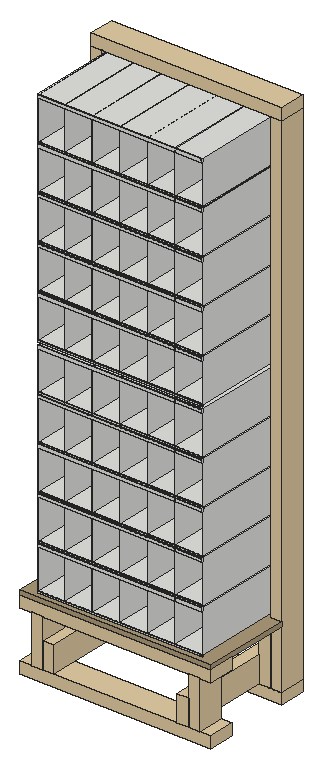
Revit family "Mailboxes_Aluminum-Standard_System-Salsbury_Industries-Wall_Installation", category Specialty Equipment, host Wall, Revit 2016 (continued)
Definition of nested family "2200_Series_Aluminum_Mailboxes_Standard_Units"
  Forms (in)
    Extrusion 37, solid, material <- "Trim Material", visible <- "Visible"
      sketch origin (0, 0, 5.937) x (0, 1, 0) y (0, 0, 1)
        loop
          line (-6.3125, 18.062) -> (-7.75, 18.062) -> (-7.75, 17.999) -> (-7.53125, 17.999) -> (-7.53125, 17.812) -> (-6.3125, 17.812) -> (-6.3125, 18.062)
      from -11.0935 to 11.09375
    Extrusion 38, solid, material <- "Trim Material", visible <- "Visible"
      sketch origin (0, 0, -5.93725) x (0, 1, 0) y (0, 0, 1)
        loop
          line (-6.3125, 18.06225) -> (-7.75, 18.06225) -> (-7.75, 17.999) -> (-7.53125, 17.999) -> (-7.53125, 17.81225) -> (-6.3125, 17.81225) -> (-6.3125, 18.06225)
      from -11.0935 to 11.09375
    Extrusion 39, solid, material <- "Trim Material", visible <- "Horizontal Divider 4"
      sketch origin (0, 0, -11.87462) x (0, 1, 0) y (0, 0, 1)
        loop
          line (-6.3125, 18.06225) -> (-7.75, 18.06225) -> (-7.75, 17.99963) -> (-7.53125, 17.99963) -> (-7.53125, 17.81225) -> (-6.3125, 17.81225) -> (-6.3125, 18.06225)
      from -11.0935 to 11.09375
    Extrusion 40, solid, material <- "Back Enclosure Material", visible <- "Horizontal Divider 2", detail levels fine
      sketch origin (0, 0, -2.8915) x (0, 1, 0) y (0, 0, 1)
        loop
          line (7.625, 20.7035) -> (7.625, 20.9535) -> (7.594, 20.9535) -> (7.594, 20.6725) -> (7.719, 20.6725) -> (7.719, 20.3285) -> (7.68316, 20.3285) -> (7.68316, 20.64866) -> (7.65216, 20.64866) -> (7.65216, 20.2975) -> (7.75, 20.2975) -> (7.75, 20.7035) -> (7.625, 20.7035)
      from -11.0935 to 10.93775
    Extrusion 41, solid, material <- "Back Enclosure Material", visible <- "Horizontal Dividers 1 and 3", detail levels fine
      sketch origin (0, 0, -8.8285) x (0, 1, 0) y (0, 0, 1)
        loop
          line (7.625, 20.7035) -> (7.625, 20.9535) -> (7.594, 20.9535) -> (7.594, 20.6725) -> (7.719, 20.6725) -> (7.719, 20.3285) -> (7.68316, 20.3285) -> (7.68316, 20.64866) -> (7.65216, 20.64866) -> (7.65216, 20.2975) -> (7.75, 20.2975) -> (7.75, 20.7035) -> (7.625, 20.7035)
      from -11.0935 to 10.93775
    Extrusion 42, solid, material <- "Back Enclosure Material", visible <- "Horizontal Divider 4", detail levels fine
      sketch origin (0, 0, -14.76625) x (0, 1, 0) y (0, 0, 1)
        loop
          line (7.625, 20.70388) -> (7.625, 20.95388) -> (7.594, 20.95388) -> (7.594, 20.6725) -> (7.719, 20.6725) -> (7.719, 20.3285) -> (7.68316, 20.3285) -> (7.68316, 20.64866) -> (7.65216, 20.64866) -> (7.65216, 20.2975) -> (7.75, 20.2975) -> (7.75, 20.70388) -> (7.625, 20.70388)
      from -11.0935 to 10.93775
  Cuts and joins
    Extrusion 29, Extrusion 32, Extrusion 33 cuts Extrusion 3
    Extrusion 8, Extrusion 29, Extrusion 32, Extrusion 33 cuts Sweep 5
    Extrusion 8, Extrusion 29, Extrusion 32, Extrusion 33 cuts Extrusion 10
    Extrusion 8, Extrusion 29, Extrusion 32, Extrusion 33 cuts Extrusion 12
    Extrusion 8, Extrusion 29, Extrusion 32, Extrusion 33 cuts Extrusion 11
    Extrusion 8, Extrusion 29, Extrusion 32, Extrusion 33 cuts Extrusion 14
    Extrusion 8, Extrusion 29, Extrusion 32, Extrusion 33 cuts Extrusion 15
    Extrusion 8, Extrusion 29, Extrusion 32, Extrusion 33 cuts Extrusion 16
    Extrusion 8, Extrusion 29, Extrusion 32, Extrusion 33 cuts Extrusion 13
    Extrusion 8, Extrusion 29, Extrusion 32, Extrusion 33 cuts Extrusion 17
    Extrusion 8, Extrusion 29, Extrusion 32, Extrusion 33 cuts Extrusion 20
    Extrusion 8, Extrusion 29, Extrusion 32, Extrusion 33 cuts Extrusion 25
    Extrusion 8, Extrusion 29, Extrusion 32, Extrusion 33 cuts Extrusion 21
    Extrusion 8, Extrusion 29, Extrusion 32, Extrusion 33 cuts Extrusion 22
    Extrusion 8, Extrusion 29, Extrusion 32, Extrusion 33 cuts Extrusion 23
    Extrusion 8, Extrusion 29, Extrusion 32, Extrusion 33 cuts Extrusion 26
    Extrusion 8, Extrusion 29, Extrusion 32, Extrusion 33 cuts Extrusion 24
    Extrusion 29, Extrusion 32, Extrusion 33 cuts Extrusion 4
    Extrusion 29 cuts Extrusion 18
    Extrusion 29 cuts Extrusion 19
    Extrusion 32 cuts Extrusion 27
    Extrusion 32 cuts Extrusion 28
    Extrusion 33 cuts Extrusion 30
    Extrusion 33 cuts Extrusion 31
  Lines and regions (in)
    symbolic lines
      curve 1: line (-11.0935, 7.75, 29.6875) -> (11.09375, 7.75, 29.6875)
      curve 2: line (-11.0935, 7.75, 0.25) -> (-11.0935, 7.75, 29.6875)
      curve 3: line (11.09375, 7.75, 0.25) -> (-11.0935, 7.75, 0.25)
      curve 4: line (11.09375, 7.75, 29.6875) -> (11.09375, 7.75, 0.25)
      curve 5: line (11.09375, 7.75, 29.6875) -> (11.09375, 7.75, 30)
      curve 6: line (11.09375, 7.75, 30) -> (-11.0935, 7.75, 30)
      curve 7: line (-11.0935, 7.75, 30) -> (-11.0935, 7.75, 29.6875)
      curve 8: line (-11.25, 7.75, 0) -> (-11.25, 7.75, 0.25)
      curve 9: line (-11.25, 7.75, 0) -> (11.25, 7.75, 0)
      curve 10: line (11.25, 7.75, 0) -> (11.25, 7.75, 0.25)
      curve 11: line (11.09375, 7.75, 0.25) -> (11.99975, 7.75, 0.25)
      curve 12: line (11.99975, 7.75, 0.25) -> (11.99975, 7.75, 29.84375)
      curve 13: line (-11.9995, 7.75, 0.25) -> (-11.9995, 7.75, 29.84375)
      curve 14: line (11.99975, 7.75, 29.84375) -> (11.09375, 7.75, 29.84375)
      curve 15: line (-11.9995, 7.75, 29.84375) -> (-11.0935, 7.75, 29.84375)
      curve 16: line (-11.9995, 7.75, 0.25) -> (-11.0935, 7.75, 0.25)
      curve 17: line (0, -6.3125, 29.6875) -> (0, 7.75, 29.6875)
      curve 18: line (0, -6.3125, 0.25) -> (0, -6.3125, 29.6875)
      curve 19: line (0, 7.75, 0.25) -> (0, -6.3125, 0.25)
      curve 20: line (0, 7.75, 29.6875) -> (0, 7.75, 0.25)
      curve 21: line (0, -7.75, 30) -> (0, -6.3125, 30)
      curve 22: line (0, -7.75, 0) -> (0, -7.75, 30)
      curve 23: line (0, -6.3125, 0) -> (0, -7.75, 0)
      curve 24: line (0, -6.3125, 30) -> (0, -6.3125, 0)
      curve 25: line (-11.0935, 7.75, 0.28125) -> (11.25, 7.75, 0.28125)
      curve 26: line (-11.0935, -6.3125, 0.28125) -> (-11.0935, 7.75, 0.28125)
      curve 27: line (11.25, -6.3125, 0.28125) -> (-11.25, -6.3125, 0.28125)
      curve 28: line (11.25, 7.75, 0.28125) -> (11.25, -6.3125, 0.28125)
      curve 29: line (-11.9995, -7.75, 0.28125) -> (11.99975, -7.75, 0.28125)
      curve 30: line (-11.9995, -7.625, 0.28125) -> (-11.9995, -7.75, 0.28125)
      curve 31: line (-11.25, -6.3125, 0.28125) -> (-11.25, -7.625, 0.28125)
      curve 32: line (-11.25, -7.625, 0.28125) -> (-11.9995, -7.625, 0.28125)
      curve 33: line (-11.9995, -7.625, 0.28125) -> (-11.9995, -7.75, 0.28125)
      curve 34: line (11.25, -7.625, 0.28125) -> (11.25, -6.3125, 0.28125)
      curve 35: line (11.25, -7.625, 0.28125) -> (11.99975, -7.625, 0.28125)
      curve 36: line (11.99975, -7.75, 0.28125) -> (11.99975, -7.625, 0.28125)
      curve 37: line (-11.0935, 7.75, 30) -> (11.09375, 7.75, 30)
      curve 38: line (-11.0935, 7.75, 29.6875) -> (-11.0935, 7.75, 30)
      curve 39: line (11.09375, 7.75, 29.6875) -> (-11.0935, 7.75, 29.6875)
      curve 40: line (11.09375, 7.75, 30) -> (11.09375, 7.75, 29.6875)
      curve 41: line (-11.25, 7.75, 0) -> (11.25, 7.75, 0)
      curve 42: line (-11.25, 7.75, 0.25) -> (-11.25, 7.75, 0)
      curve 43: line (11.25, 7.75, 0.25) -> (-11.25, 7.75, 0.25)
      curve 44: line (11.25, 7.75, 0) -> (11.25, 7.75, 0.25)
      curve 45: line (-11.9995, 7.75, 29.84375) -> (-11.0935, 7.75, 29.84375)
      curve 46: line (-11.9995, 7.75, 0.25) -> (-11.9995, 7.75, 29.84375)
      curve 47: line (-11.0935, 7.75, 0.25) -> (-11.9995, 7.75, 0.25)
      curve 48: line (-11.0935, 7.75, 29.84375) -> (-11.0935, 7.75, 0.25)
      curve 49: line (11.09375, 7.75, 29.84375) -> (11.99975, 7.75, 29.84375)
      curve 50: line (11.09375, 7.75, 0.25) -> (11.09375, 7.75, 29.84375)
      curve 51: line (11.99975, 7.75, 0.25) -> (11.09375, 7.75, 0.25)
      curve 52: line (11.99975, 7.75, 29.84375) -> (11.99975, 7.75, 0.25)
  Dimensions and locks (in)
    plane 6 "Front" to plane 1 "Center (Front/Back)" to plane 7 "Back" = 7.750", 7.750"
    "Depth": plane 6 "Front" to plane 7 "Back"
    equal spacing: plane 4 "Left", plane 3 "Center (Left/Right)", plane 5 "Right"
    "Width": plane 4 "Left" to plane 5 "Right"
    equal spacing: plane 9 "Top", plane 8 "Vertical Center", plane 2 "Bottom"
    "Height": plane 9 "Top" to plane 2 "Bottom"
    plane 6 "Front" to plane 10 to plane 11 "Door Align-Back of Door" to plane 12 "Back Edge of Top Trim" = 0.125", 0.53125", 0.875"
    plane 14 "Back Edge of Side Panels" to plane 7 "Back" = 0.125"
    plane 6 "Front" to plane 13 "Front Edge of Side Panels" = 0.9375"
    plane 6 "Front" to plane 15 to plane 16 to plane 17 "Back Edge of Bottom Trim" = 0.187", 0.500", 0.9375"
    plane 18 to plane 2 "Bottom" = 0.125"
    plane 19 to plane 2 "Bottom" = 0.0625"
    plane 20 "Bottom Trim Height" to plane 2 "Bottom" = 0.250"
    plane 9 "Top" to plane 21 "Top Trim Height" = 0.3125"
    plane 22 to plane 9 "Top" = 0.15625"
    plane 23 to plane 9 "Top" = 0.125"
    plane 25 "Inner Right Side of Trim" to plane 24 "Right Side Trim Alignment-Top and Bottom Trim" to plane 5 "Right" = 0.15625", 0.375"
    plane 6 "Front" to plane 27 to plane 28 = 0.250", 0.125"
    plane 6 "Front" to plane 29 "Back Edge of Side Trim" = 1.4375"
    plane 4 "Left" to plane 30 "Left Side Trim Alignment-Top and Bottom Trim" = 0.375"
    plane 6 "Front" to plane 31 "Trop Trim Extrusion Line" = 0.21875"
    plane 33 to plane 21 "Top Trim Height" = 0.03125"
    plane 32 "Left Wall of Enclosure" to plane 43 "Door Divider 1" = 3.698"
    plane 32 "Left Wall of Enclosure" to plane 42 "Door Divider 6" = 5.54675"
    plane 32 "Left Wall of Enclosure" to plane 37 "Door Divider 2" = 7.396"
    plane 32 "Left Wall of Enclosure" to plane 38 "Door Divider 3" = 11.094"
    plane 32 "Left Wall of Enclosure" to plane 39 "Door Divider 4" = 14.792"
    plane 32 "Left Wall of Enclosure" to plane 40 "Door Divider 7" = 16.64175"
    plane 32 "Left Wall of Enclosure" to plane 41 "Door Divider 5" = 18.490"
    locked: plane 32 "Left Wall of Enclosure" to plane 26 "Right Wall of Enclsosure" at 22.03125
    plane 26 "Right Wall of Enclsosure" to plane 25 "Inner Right Side of Trim" = 0.156"
    plane 45 "Door Divider" to plane 44 "Door Divider Offset Align" = 0.000"
    "Void 4 Offset": plane 2 "Bottom" to plane 46 "Void 4 Offset"
    plane 49 "Vertical Door Align 5" to plane 41 "Door Divider 5" = 0.15925"
    plane 50 "Vertical Door Align 8" to plane 40 "Door Divider 7" = 0.15925"
    plane 51 "Vertical Door Align 4" to plane 39 "Door Divider 4" = 0.15925"
    plane 52 "Vertical Door Align 3" to plane 38 "Door Divider 3" = 0.15925"
    plane 53 "Vertical Door Align 2" to plane 37 "Door Divider 2" = 0.15925"
    plane 54 "Vertical Door Align 7" to plane 42 "Door Divider 6" = 0.159"
    plane 55 "Vertical Door Align 1" to plane 43 "Door Divider 1" = 0.159"
    "Void 2 Offset": plane 64 "Void 2 Offset" to plane 2 "Bottom"
    plane 63 "Gap 2 Top" to plane 68 to plane 62 "Gap 2 Bottom" = 0.094" locked, 0.218" locked
    plane 66 "Gap 1 Top" to plane 69 to plane 65 "Gap 1 Bottom" = 0.094", 0.218"
    plane 60 "Gap 3 Top" to plane 70 to plane 59 "Gap 3 Bottom" = 0.09425" locked, 0.21775" locked
    plane 48 "Gap 4 Top" to plane 71 to plane 58 "Gap 4 Bottom" = 0.094" locked, 0.21875" locked
    locked: plane 21 "Top Trim Height" to plane 73 "Top of Divider Offset" at 0.03125
    "Divider 6 and 7 Offset": plane 72 "Divider Offset" to plane 33
    plane 75 to plane 4 "Left" = 0.3745"
    plane 5 "Right" to plane 74 = 0.37475"
    locked: plane 76 to plane 14 "Back Edge of Side Panels" at 0.031
    plane 90 to plane 89 to plane 88 to plane 7 "Back" = 0.031", 0.03584", 0.031"
    plane 85 to plane 87 to plane 86 to plane 58 "Gap 4 Bottom" to plane 78 = 0.031", 0.32016", 0.02384", 0.03138"
    plane 76 to plane 14 "Back Edge of Side Panels" to plane 90 = 0.031", 0.02716"
    plane 96 to plane 95 to plane 94 to plane 7 "Back" = 0.031", 0.03584", 0.031"
    plane 91 to plane 92 to plane 93 to plane 59 "Gap 3 Bottom" = 0.031", 0.32016", 0.02384"
    plane 76 to plane 14 "Back Edge of Side Panels" = 0.031"
    plane 102 to plane 101 to plane 100 to plane 7 "Back" = 0.031", 0.03584", 0.031"
    plane 97 to plane 98 to plane 99 to plane 62 "Gap 2 Bottom" = 0.031", 0.32016", 0.02384"
    plane 108 to plane 107 to plane 106 to plane 7 "Back" = 0.031", 0.03584", 0.031"
    plane 103 to plane 104 to plane 105 to plane 65 "Gap 1 Bottom" = 0.031", 0.32016", 0.02384"
    aligned and locked: plane 2 "Bottom" to level
    aligned and locked: plane 32 "Left Wall of Enclosure" to Extrusion 9
    aligned and locked: Extrusion 9 to plane 26 "Right Wall of Enclsosure"
    aligned and locked: Extrusion 6 to plane 26 "Right Wall of Enclsosure"
    aligned and locked: plane 32 "Left Wall of Enclosure" to Extrusion 6
    aligned and locked: Extrusion 4 to plane 57 "OffSet Divider Line"
    aligned and locked: Extrusion 36 to plane 68
    aligned and locked: Extrusion 39 to plane 71
    aligned and locked: Extrusion 38 to plane 70
    aligned and locked: Extrusion 37 to plane 69
    aligned and locked: plane 72 "Divider Offset" to cut or joined group of Extrusion 8, Extrusion 26, Extrusion 29, Extrusion 32, Extrusion 33
    aligned and locked: plane 72 "Divider Offset" to cut or joined group of Extrusion 8, Extrusion 13, Extrusion 29, Extrusion 32, Extrusion 33
    aligned and locked: plane 72 "Divider Offset" to cut or joined group of Extrusion 8, Extrusion 25, Extrusion 29, Extrusion 32, Extrusion 33
    aligned and locked: plane 72 "Divider Offset" to cut or joined group of Extrusion 8, Extrusion 11, Extrusion 29, Extrusion 32, Extrusion 33
    aligned and locked: plane 56 "Vertical Door Align 6" to nested 6
    aligned and locked: nested 6 to plane 47 "Door Align - Row 5"
    aligned and locked: nested 5 to plane 47 "Door Align - Row 5"
    aligned and locked: plane 49 "Vertical Door Align 5" to nested 5
    aligned and locked: nested 4 to plane 47 "Door Align - Row 5"
    aligned and locked: plane 51 "Vertical Door Align 4" to nested 4
    aligned and locked: nested 3 to plane 47 "Door Align - Row 5"
    aligned and locked: plane 52 "Vertical Door Align 3" to nested 3
    aligned and locked: nested 1 to plane 47 "Door Align - Row 5"
    aligned and locked: plane 53 "Vertical Door Align 2" to nested 1
    aligned and locked: nested 2 to plane 47 "Door Align - Row 5"
    aligned and locked: plane 55 "Vertical Door Align 1" to nested 2
    aligned and locked: plane 55 "Vertical Door Align 1" to nested 8
    aligned and locked: nested 9 to plane 48 "Gap 4 Top"
    aligned and locked: nested 8 to plane 48 "Gap 4 Top"
    aligned and locked: nested 7 to plane 48 "Gap 4 Top"
    aligned and locked: plane 53 "Vertical Door Align 2" to nested 7
    aligned and locked: plane 52 "Vertical Door Align 3" to nested 9
    aligned and locked: plane 51 "Vertical Door Align 4" to nested 10
    aligned and locked: nested 12 to plane 48 "Gap 4 Top"
    aligned and locked: nested 11 to plane 48 "Gap 4 Top"
    aligned and locked: plane 49 "Vertical Door Align 5" to nested 11
    aligned and locked: plane 56 "Vertical Door Align 6" to nested 12
    aligned and locked: plane 56 "Vertical Door Align 6" to nested 18
    aligned and locked: nested 18 to plane 60 "Gap 3 Top"
    aligned and locked: plane 49 "Vertical Door Align 5" to nested 17
    aligned and locked: nested 17 to plane 60 "Gap 3 Top"
    aligned and locked: plane 51 "Vertical Door Align 4" to nested 16
    aligned and locked: nested 16 to plane 60 "Gap 3 Top"
    aligned and locked: plane 52 "Vertical Door Align 3" to nested 15
    aligned and locked: nested 15 to plane 60 "Gap 3 Top"
    aligned and locked: plane 53 "Vertical Door Align 2" to nested 13
    aligned and locked: nested 13 to plane 60 "Gap 3 Top"
    aligned and locked: plane 55 "Vertical Door Align 1" to nested 14
    aligned and locked: nested 14 to plane 60 "Gap 3 Top"
    aligned and locked: plane 55 "Vertical Door Align 1" to nested 20
    aligned and locked: nested 20 to plane 63 "Gap 2 Top"
    aligned and locked: plane 53 "Vertical Door Align 2" to nested 19
    aligned and locked: plane 63 "Gap 2 Top" to nested 19
    aligned and locked: plane 52 "Vertical Door Align 3" to nested 21
    aligned and locked: nested 22 to plane 63 "Gap 2 Top"
    aligned and locked: nested 21 to plane 63 "Gap 2 Top"
    aligned and locked: plane 51 "Vertical Door Align 4" to nested 22
    aligned and locked: plane 49 "Vertical Door Align 5" to nested 23
    aligned and locked: nested 24 to plane 63 "Gap 2 Top"
    aligned and locked: nested 23 to plane 63 "Gap 2 Top"
    aligned and locked: plane 56 "Vertical Door Align 6" to nested 24
    aligned and locked: plane 56 "Vertical Door Align 6" to nested 30
    aligned and locked: nested 30 to plane 66 "Gap 1 Top"
    aligned and locked: plane 49 "Vertical Door Align 5" to nested 29
    aligned and locked: nested 29 to plane 66 "Gap 1 Top"
    aligned and locked: plane 51 "Vertical Door Align 4" to nested 28
    aligned and locked: nested 28 to plane 66 "Gap 1 Top"
    aligned and locked: plane 52 "Vertical Door Align 3" to nested 27
    aligned and locked: nested 27 to plane 66 "Gap 1 Top"
    aligned and locked: plane 53 "Vertical Door Align 2" to nested 25
    aligned and locked: nested 25 to plane 66 "Gap 1 Top"
    aligned and locked: plane 55 "Vertical Door Align 1" to nested 26
    aligned and locked: nested 26 to plane 66 "Gap 1 Top"
    aligned and locked: plane 54 "Vertical Door Align 7" to nested 39
    aligned and locked: nested 39 to plane 66 "Gap 1 Top"
    aligned and locked: plane 50 "Vertical Door Align 8" to nested 40
    aligned and locked: nested 40 to plane 66 "Gap 1 Top"
    aligned and locked: plane 50 "Vertical Door Align 8" to nested 38
    aligned and locked: nested 38 to plane 63 "Gap 2 Top"
    aligned and locked: plane 54 "Vertical Door Align 7" to nested 37
    aligned and locked: nested 37 to plane 63 "Gap 2 Top"
    aligned and locked: plane 54 "Vertical Door Align 7" to nested 35
    aligned and locked: nested 35 to plane 60 "Gap 3 Top"
    aligned and locked: plane 50 "Vertical Door Align 8" to nested 36
    aligned and locked: nested 36 to plane 60 "Gap 3 Top"
    aligned and locked: plane 50 "Vertical Door Align 8" to nested 34
    aligned and locked: nested 34 to plane 48 "Gap 4 Top"
    aligned and locked: plane 54 "Vertical Door Align 7" to nested 33
    aligned and locked: nested 33 to plane 48 "Gap 4 Top"
    aligned and locked: plane 54 "Vertical Door Align 7" to nested 31
    aligned and locked: nested 31 to plane 47 "Door Align - Row 5"
    aligned and locked: plane 50 "Vertical Door Align 8" to nested 32
    aligned and locked: nested 32 to plane 47 "Door Align - Row 5"
    aligned and locked: Extrusion 1 sketch curve to plane 6 "Front"
    aligned and locked: Extrusion 1 sketch curve to plane 9 "Top"
    aligned and locked: plane 29 "Back Edge of Side Trim" to Extrusion 1 sketch curve
    aligned and locked: Extrusion 1 sketch curve to plane 21 "Top Trim Height"
    aligned and locked: plane 22 to Extrusion 1 sketch curve
    aligned and locked: plane 23 to Extrusion 1 sketch curve
    aligned and locked: Extrusion 1 sketch curve to plane 10
    aligned and locked: Extrusion 1 sketch curve to plane 11 "Door Align-Back of Door"
    aligned and locked: Extrusion 1 to plane 45 "Door Divider"
    aligned and locked: plane 57 "OffSet Divider Line" to Extrusion 1
    aligned and locked: Extrusion 2 sketch curve to plane 2 "Bottom"
    aligned and locked: Extrusion 2 sketch curve to plane 16
    aligned and locked: Extrusion 2 sketch curve to plane 19
    aligned and locked: Extrusion 2 sketch curve to plane 15
    aligned and locked: plane 18 to Extrusion 2 sketch curve
    aligned and locked: Extrusion 2 sketch curve to plane 6 "Front"
    aligned and locked: plane 30 "Left Side Trim Alignment-Top and Bottom Trim" to Extrusion 2
    aligned and locked: Extrusion 2 to plane 24 "Right Side Trim Alignment-Top and Bottom Trim"
    aligned and locked: plane 29 "Back Edge of Side Trim" to Extrusion 3 sketch curve
    aligned and locked: Extrusion 3 sketch curve to plane 45 "Door Divider"
    aligned and locked: plane 24 "Right Side Trim Alignment-Top and Bottom Trim" to Extrusion 3 sketch curve
    aligned and locked: plane 6 "Front" to Extrusion 3 sketch curve
    aligned and locked: Extrusion 3 sketch curve to plane 74
    aligned and locked: Extrusion 3 sketch curve to plane 10
    aligned and locked: cut or joined group of Extrusion 3, Extrusion 29, Extrusion 32, Extrusion 33 to plane 22
    aligned and locked: Extrusion 4 sketch curve to plane 6 "Front"
    aligned and locked: Extrusion 4 sketch curve to plane 57 "OffSet Divider Line"
    aligned and locked: Extrusion 4 sketch curve to plane 75
    aligned and locked: plane 10 to Extrusion 4 sketch curve
    aligned and locked: plane 30 "Left Side Trim Alignment-Top and Bottom Trim" to Extrusion 4 sketch curve
    aligned and locked: Extrusion 4 sketch curve to plane 29 "Back Edge of Side Trim"
    aligned and locked: cut or joined group of Extrusion 4, Extrusion 29, Extrusion 32, Extrusion 33 to plane 22
    aligned and locked: Extrusion 10 sketch curve to plane 29 "Back Edge of Side Trim"
    aligned and locked: Extrusion 10 sketch curve to plane 21 "Top Trim Height"
    aligned and locked: plane 31 "Trop Trim Extrusion Line" to Extrusion 10 sketch curve
    aligned and locked: nested 30 to plane 11 "Door Align-Back of Door"
    aligned and locked: plane 11 "Door Align-Back of Door" to nested 29
    aligned and locked: plane 11 "Door Align-Back of Door" to nested 28
    aligned and locked: plane 11 "Door Align-Back of Door" to nested 27
    aligned and locked: plane 11 "Door Align-Back of Door" to nested 25
    aligned and locked: plane 11 "Door Align-Back of Door" to nested 26
    aligned and locked: plane 11 "Door Align-Back of Door" to nested 24
    aligned and locked: plane 11 "Door Align-Back of Door" to nested 23
    aligned and locked: plane 11 "Door Align-Back of Door" to nested 22
    aligned and locked: plane 11 "Door Align-Back of Door" to nested 21
    aligned and locked: plane 11 "Door Align-Back of Door" to nested 20
    aligned and locked: plane 11 "Door Align-Back of Door" to nested 19
    aligned and locked: plane 11 "Door Align-Back of Door" to nested 18
    aligned and locked: plane 11 "Door Align-Back of Door" to nested 17
    aligned and locked: plane 11 "Door Align-Back of Door" to nested 16
    aligned and locked: plane 11 "Door Align-Back of Door" to nested 15
    aligned and locked: plane 11 "Door Align-Back of Door" to nested 14
    aligned and locked: plane 11 "Door Align-Back of Door" to nested 13
    aligned and locked: nested 10 to plane 48 "Gap 4 Top"
    aligned and locked: plane 11 "Door Align-Back of Door" to nested 12
    aligned and locked: plane 11 "Door Align-Back of Door" to nested 11
    aligned and locked: plane 11 "Door Align-Back of Door" to nested 10
    aligned and locked: plane 11 "Door Align-Back of Door" to nested 9
    aligned and locked: plane 11 "Door Align-Back of Door" to nested 8
    aligned and locked: plane 11 "Door Align-Back of Door" to nested 7
    aligned and locked: plane 11 "Door Align-Back of Door" to nested 6
    aligned and locked: plane 11 "Door Align-Back of Door" to nested 5
    aligned and locked: plane 11 "Door Align-Back of Door" to nested 4
    aligned and locked: plane 11 "Door Align-Back of Door" to nested 3
    aligned and locked: plane 11 "Door Align-Back of Door" to nested 1
    aligned and locked: plane 11 "Door Align-Back of Door" to nested 2
    aligned and locked: plane 21 "Top Trim Height" to Sweep 5 sketch curve  (x2)
    aligned and locked: plane 26 "Right Wall of Enclsosure" to Sweep 5 sketch curve
    aligned and locked: Sweep 5 sketch curve to plane 57 "OffSet Divider Line"
    aligned and locked: Sweep 5 sketch curve to plane 73 "Top of Divider Offset"
    aligned and locked: plane 14 "Back Edge of Side Panels" to Sweep 5 sketch curve
    aligned and locked: plane 16 to Sweep 5 sketch curve
    aligned and locked: plane 14 "Back Edge of Side Panels" to Extrusion 7 sketch curve
    aligned and locked: Extrusion 7 sketch curve to plane 34
    aligned and locked: plane 76 to Extrusion 7 sketch curve
    aligned and locked: plane 7 "Back" to Extrusion 42 sketch curve
    aligned and locked: plane 88 to Extrusion 42 sketch curve
    aligned and locked: Extrusion 42 sketch curve to plane 89
    aligned and locked: plane 90 to Extrusion 42 sketch curve
    aligned and locked: Extrusion 42 sketch curve to plane 85
    aligned and locked: Extrusion 42 sketch curve to plane 87
    aligned and locked: Extrusion 42 sketch curve to plane 86
    aligned and locked: plane 58 "Gap 4 Bottom" to Extrusion 42 sketch curve
    aligned and locked: plane 78 to Extrusion 42 sketch curve
    aligned and locked: plane 76 to Extrusion 42 sketch curve
    aligned and locked: Extrusion 42 sketch curve to plane 14 "Back Edge of Side Panels"
    aligned and locked: Extrusion 42 sketch curve to plane 77
    aligned and locked: Extrusion 42 to plane 26 "Right Wall of Enclsosure"
    aligned and locked: plane 32 "Left Wall of Enclosure" to Extrusion 42
    aligned and locked: plane 7 "Back" to Extrusion 41 sketch curve
    aligned and locked: plane 94 to Extrusion 41 sketch curve
    aligned and locked: plane 95 to Extrusion 41 sketch curve
    aligned and locked: plane 96 to Extrusion 41 sketch curve
    aligned and locked: plane 91 to Extrusion 41 sketch curve
    aligned and locked: plane 92 to Extrusion 41 sketch curve
    aligned and locked: plane 93 to Extrusion 41 sketch curve
    aligned and locked: plane 59 "Gap 3 Bottom" to Extrusion 41 sketch curve
    aligned and locked: plane 79 to Extrusion 41 sketch curve
    aligned and locked: plane 76 to Extrusion 41 sketch curve
    aligned and locked: Extrusion 41 sketch curve to plane 14 "Back Edge of Side Panels"
    aligned and locked: Extrusion 41 sketch curve to plane 80
    aligned and locked: plane 32 "Left Wall of Enclosure" to Extrusion 41
    aligned and locked: Extrusion 41 to plane 26 "Right Wall of Enclsosure"
    aligned and locked: plane 97 to Extrusion 40 sketch curve
    aligned and locked: plane 98 to Extrusion 40 sketch curve
    aligned and locked: plane 99 to Extrusion 40 sketch curve
    aligned and locked: plane 102 to Extrusion 40 sketch curve
    aligned and locked: plane 101 to Extrusion 40 sketch curve
    aligned and locked: plane 100 to Extrusion 40 sketch curve
    aligned and locked: plane 7 "Back" to Extrusion 40 sketch curve
    aligned and locked: plane 62 "Gap 2 Bottom" to Extrusion 40 sketch curve
    aligned and locked: plane 81 to Extrusion 40 sketch curve
    aligned and locked: plane 76 to Extrusion 40 sketch curve
    aligned and locked: Extrusion 40 sketch curve to plane 82
    aligned and locked: Extrusion 40 sketch curve to plane 14 "Back Edge of Side Panels"
    aligned and locked: Extrusion 40 to plane 26 "Right Wall of Enclsosure"
    aligned and locked: plane 32 "Left Wall of Enclosure" to Extrusion 40
    aligned and locked: plane 108 to Extrusion 9 sketch curve
    aligned and locked: plane 107 to Extrusion 9 sketch curve
    aligned and locked: plane 106 to Extrusion 9 sketch curve
    aligned and locked: plane 7 "Back" to Extrusion 9 sketch curve
    aligned and locked: plane 103 to Extrusion 9 sketch curve
    aligned and locked: plane 104 to Extrusion 9 sketch curve
    aligned and locked: plane 105 to Extrusion 9 sketch curve
    aligned and locked: plane 65 "Gap 1 Bottom" to Extrusion 9 sketch curve
    aligned and locked: plane 83 to Extrusion 9 sketch curve
    aligned and locked: Extrusion 9 sketch curve to plane 14 "Back Edge of Side Panels"
    aligned and locked: plane 76 to Extrusion 9 sketch curve
    aligned and locked: Extrusion 9 sketch curve to plane 84
    aligned and locked: plane 114 to Extrusion 6 sketch curve
    aligned and locked: plane 113 to Extrusion 6 sketch curve
    aligned and locked: plane 112 to Extrusion 6 sketch curve
    aligned and locked: plane 7 "Back" to Extrusion 6 sketch curve
    aligned and locked: plane 109 to Extrusion 6 sketch curve
    aligned and locked: plane 110 to Extrusion 6 sketch curve
    aligned and locked: plane 111 to Extrusion 6 sketch curve
    aligned and locked: plane 73 "Top of Divider Offset" to Extrusion 6 sketch curve
    aligned and locked: plane 21 "Top Trim Height" to Extrusion 6 sketch curve
    aligned and locked: plane 14 "Back Edge of Side Panels" to Extrusion 6 sketch curve
    aligned and locked: plane 58 "Gap 4 Bottom" to Extrusion 18
    aligned and locked: cut or joined group of Extrusion 18, Extrusion 29 to plane 78
    aligned and locked: Extrusion 35 sketch curve to plane 115
    aligned and locked: plane 14 "Back Edge of Side Panels" to Extrusion 35 sketch curve
    aligned and locked: plane 116 to Extrusion 35 sketch curve
    aligned and locked: Extrusion 35 sketch curve to plane 11 "Door Align-Back of Door"
    aligned and locked: Extrusion 35 to plane 66 "Gap 1 Top"
    aligned and locked: plane 84 to Extrusion 35
    aligned and locked: Extrusion 34 sketch curve to plane 115
    aligned and locked: plane 14 "Back Edge of Side Panels" to Extrusion 34 sketch curve
    aligned and locked: plane 116 to Extrusion 34 sketch curve
    aligned and locked: Extrusion 34 sketch curve to plane 11 "Door Align-Back of Door"
    aligned and locked: plane 65 "Gap 1 Bottom" to Extrusion 34
    aligned and locked: Extrusion 34 to plane 83
    aligned and locked: plane 116 to Extrusion 31 sketch curve
    aligned and locked: Extrusion 31 sketch curve to plane 11 "Door Align-Back of Door"
    aligned and locked: Extrusion 31 sketch curve to plane 115
    aligned and locked: plane 14 "Back Edge of Side Panels" to Extrusion 31 sketch curve
    aligned and locked: Extrusion 31 to plane 63 "Gap 2 Top"
    aligned and locked: plane 82 to cut or joined group of Extrusion 31, Extrusion 33
    aligned and locked: Extrusion 30 sketch curve to plane 115
    aligned and locked: plane 14 "Back Edge of Side Panels" to Extrusion 30 sketch curve
    aligned and locked: plane 116 to Extrusion 30 sketch curve
    aligned and locked: Extrusion 30 sketch curve to plane 11 "Door Align-Back of Door"
    aligned and locked: plane 62 "Gap 2 Bottom" to Extrusion 30
    aligned and locked: cut or joined group of Extrusion 30, Extrusion 33 to plane 81
    aligned and locked: plane 116 to Extrusion 27 sketch curve
    aligned and locked: Extrusion 27 sketch curve to plane 11 "Door Align-Back of Door"
    aligned and locked: Extrusion 27 sketch curve to plane 115
    aligned and locked: plane 14 "Back Edge of Side Panels" to Extrusion 27 sketch curve
    aligned and locked: Extrusion 27 to plane 60 "Gap 3 Top"
    aligned and locked: plane 80 to cut or joined group of Extrusion 27, Extrusion 32
    aligned and locked: Extrusion 28 sketch curve to plane 115
    aligned and locked: plane 14 "Back Edge of Side Panels" to Extrusion 28 sketch curve
    aligned and locked: Extrusion 28 sketch curve to plane 11 "Door Align-Back of Door"
    aligned and locked: plane 116 to Extrusion 28 sketch curve
    aligned and locked: plane 59 "Gap 3 Bottom" to Extrusion 28
    aligned and locked: cut or joined group of Extrusion 28, Extrusion 32 to plane 79
    aligned and locked: plane 116 to Extrusion 19 sketch curve
    aligned and locked: Extrusion 19 sketch curve to plane 11 "Door Align-Back of Door"
    aligned and locked: plane 14 "Back Edge of Side Panels" to Extrusion 19 sketch curve
    aligned and locked: Extrusion 19 sketch curve to plane 115
    aligned and locked: Extrusion 19 to plane 48 "Gap 4 Top"
    aligned and locked: plane 77 to cut or joined group of Extrusion 19, Extrusion 29
    aligned and locked: plane 14 "Back Edge of Side Panels" to Extrusion 18 sketch curve
    aligned and locked: Extrusion 18 sketch curve to plane 115
    aligned and locked: Extrusion 18 sketch curve to plane 11 "Door Align-Back of Door"
    aligned and locked: plane 116 to Extrusion 18 sketch curve
    aligned and locked: Extrusion 8 sketch curve to plane 15
    aligned and locked: plane 25 "Inner Right Side of Trim" to Extrusion 8 sketch curve
    aligned and locked: Extrusion 8 sketch curve to plane 32 "Left Wall of Enclosure"
    aligned and locked: plane 14 "Back Edge of Side Panels" to Extrusion 8 sketch curve
    aligned and locked: cut or joined group of Sweep 5, Extrusion 8, Extrusion 29, Extrusion 32, Extrusion 33 to plane 77
    aligned and locked: plane 78 to cut or joined group of Sweep 5, Extrusion 8, Extrusion 29, Extrusion 32, Extrusion 33
    aligned and locked: cut or joined group of Sweep 5, Extrusion 8, Extrusion 29, Extrusion 32, Extrusion 33 to plane 80
    aligned and locked: plane 79 to cut or joined group of Sweep 5, Extrusion 8, Extrusion 29, Extrusion 32, Extrusion 33
    aligned and locked: cut or joined group of Sweep 5, Extrusion 8, Extrusion 29, Extrusion 32, Extrusion 33 to plane 82
    aligned and locked: plane 81 to cut or joined group of Sweep 5, Extrusion 8, Extrusion 29, Extrusion 32, Extrusion 33
    aligned and locked: cut or joined group of Sweep 5, Extrusion 8, Extrusion 29, Extrusion 32, Extrusion 33 to plane 84
    aligned and locked: plane 83 to cut or joined group of Sweep 5, Extrusion 8, Extrusion 29, Extrusion 32, Extrusion 33
    aligned and locked: Extrusion 33 sketch curve to plane 32 "Left Wall of Enclosure"
    aligned and locked: Extrusion 33 sketch curve to plane 15
    aligned and locked: plane 25 "Inner Right Side of Trim" to Extrusion 33 sketch curve
    aligned and locked: Extrusion 32 sketch curve to plane 15
    aligned and locked: plane 25 "Inner Right Side of Trim" to Extrusion 32 sketch curve
    aligned and locked: Extrusion 32 sketch curve to plane 32 "Left Wall of Enclosure"
    aligned and locked: plane 14 "Back Edge of Side Panels" to Extrusion 32 sketch curve
    aligned and locked: plane 14 "Back Edge of Side Panels" to Extrusion 29 sketch curve
    aligned and locked: Extrusion 29 sketch curve to plane 32 "Left Wall of Enclosure"
    aligned and locked: Extrusion 29 sketch curve to plane 15
    aligned and locked: plane 25 "Inner Right Side of Trim" to Extrusion 29 sketch curve
    aligned and locked: plane 73 "Top of Divider Offset" to Extrusion 20 sketch curve
    aligned and locked: plane 14 "Back Edge of Side Panels" to Extrusion 20 sketch curve
    aligned and locked: Extrusion 20 sketch curve to plane 47 "Door Align - Row 5"
    aligned and locked: Extrusion 20 sketch curve to plane 16
    aligned and locked: plane 119 to cut or joined group of Extrusion 8, Extrusion 20, Extrusion 29, Extrusion 32, Extrusion 33
    aligned and locked: plane 41 "Door Divider 5" to cut or joined group of Extrusion 8, Extrusion 20, Extrusion 29, Extrusion 32, Extrusion 33
    aligned and locked: plane 118 to cut or joined group of Extrusion 8, Extrusion 25, Extrusion 29, Extrusion 32, Extrusion 33
    aligned and locked: plane 40 "Door Divider 7" to cut or joined group of Extrusion 8, Extrusion 25, Extrusion 29, Extrusion 32, Extrusion 33
    aligned and locked: plane 120 to cut or joined group of Extrusion 8, Extrusion 21, Extrusion 29, Extrusion 32, Extrusion 33
    aligned and locked: plane 39 "Door Divider 4" to cut or joined group of Extrusion 8, Extrusion 21, Extrusion 29, Extrusion 32, Extrusion 33
    aligned and locked: plane 121 to cut or joined group of Extrusion 8, Extrusion 22, Extrusion 29, Extrusion 32, Extrusion 33
    aligned and locked: plane 38 "Door Divider 3" to cut or joined group of Extrusion 8, Extrusion 22, Extrusion 29, Extrusion 32, Extrusion 33
    aligned and locked: plane 122 to cut or joined group of Extrusion 8, Extrusion 23, Extrusion 29, Extrusion 32, Extrusion 33
    aligned and locked: plane 37 "Door Divider 2" to cut or joined group of Extrusion 8, Extrusion 23, Extrusion 29, Extrusion 32, Extrusion 33
    aligned and locked: plane 123 to cut or joined group of Extrusion 8, Extrusion 26, Extrusion 29, Extrusion 32, Extrusion 33
    aligned and locked: plane 42 "Door Divider 6" to cut or joined group of Extrusion 8, Extrusion 26, Extrusion 29, Extrusion 32, Extrusion 33
    aligned and locked: plane 124 to cut or joined group of Extrusion 8, Extrusion 24, Extrusion 29, Extrusion 32, Extrusion 33
    aligned and locked: cut or joined group of Extrusion 8, Extrusion 24, Extrusion 29, Extrusion 32, Extrusion 33 to plane 43 "Door Divider 1"
    aligned and locked: Extrusion 25 sketch curve to plane 72 "Divider Offset"
    aligned and locked: plane 14 "Back Edge of Side Panels" to Extrusion 25 sketch curve
    aligned and locked: plane 73 "Top of Divider Offset" to Extrusion 25 sketch curve
    aligned and locked: Extrusion 25 sketch curve to plane 16
    aligned and locked: Extrusion 21 sketch curve to plane 16
    aligned and locked: Extrusion 21 sketch curve to plane 47 "Door Align - Row 5"
    aligned and locked: plane 73 "Top of Divider Offset" to Extrusion 21 sketch curve
    aligned and locked: plane 14 "Back Edge of Side Panels" to Extrusion 21 sketch curve
    aligned and locked: plane 73 "Top of Divider Offset" to Extrusion 22 sketch curve
    aligned and locked: plane 14 "Back Edge of Side Panels" to Extrusion 22 sketch curve
    aligned and locked: Extrusion 22 sketch curve to plane 16
    aligned and locked: Extrusion 22 sketch curve to plane 47 "Door Align - Row 5"
    aligned and locked: Extrusion 23 sketch curve to plane 47 "Door Align - Row 5"
    aligned and locked: Extrusion 23 sketch curve to plane 16
    aligned and locked: plane 73 "Top of Divider Offset" to Extrusion 23 sketch curve
    aligned and locked: plane 14 "Back Edge of Side Panels" to Extrusion 23 sketch curve
    aligned and locked: plane 14 "Back Edge of Side Panels" to Extrusion 26 sketch curve
    aligned and locked: plane 73 "Top of Divider Offset" to Extrusion 26 sketch curve
    aligned and locked: Extrusion 26 sketch curve to plane 72 "Divider Offset"
    aligned and locked: Extrusion 26 sketch curve to plane 16
    aligned and locked: Extrusion 24 sketch curve to plane 16
    aligned and locked: Extrusion 24 sketch curve to plane 47 "Door Align - Row 5"
    aligned and locked: plane 73 "Top of Divider Offset" to Extrusion 24 sketch curve
    aligned and locked: plane 14 "Back Edge of Side Panels" to Extrusion 24 sketch curve
    aligned and locked: Extrusion 37 sketch curve to plane 29 "Back Edge of Side Trim"
    aligned and locked: plane 83 to Extrusion 37 sketch curve
    aligned and locked: Extrusion 37 sketch curve to plane 84
    aligned and locked: plane 69 to Extrusion 37 sketch curve
    aligned and locked: plane 31 "Trop Trim Extrusion Line" to Extrusion 37 sketch curve
    aligned and locked: plane 6 "Front" to Extrusion 37 sketch curve
    aligned and locked: plane 32 "Left Wall of Enclosure" to Extrusion 37
    aligned and locked: Extrusion 37 to plane 25 "Inner Right Side of Trim"
    aligned and locked: plane 81 to Extrusion 36 sketch curve
    aligned and locked: Extrusion 36 sketch curve to plane 29 "Back Edge of Side Trim"
    aligned and locked: Extrusion 36 sketch curve to plane 82
    aligned and locked: plane 6 "Front" to Extrusion 36 sketch curve
    aligned and locked: plane 68 to Extrusion 36 sketch curve
    aligned and locked: plane 31 "Trop Trim Extrusion Line" to Extrusion 36 sketch curve
    aligned and locked: Extrusion 36 to plane 45 "Door Divider"
    aligned and locked: plane 32 "Left Wall of Enclosure" to Extrusion 36
    aligned and locked: plane 79 to Extrusion 38 sketch curve
    aligned and locked: Extrusion 38 sketch curve to plane 29 "Back Edge of Side Trim"
    aligned and locked: Extrusion 38 sketch curve to plane 80
    aligned and locked: plane 6 "Front" to Extrusion 38 sketch curve
    aligned and locked: plane 70 to Extrusion 38 sketch curve
    aligned and locked: plane 31 "Trop Trim Extrusion Line" to Extrusion 38 sketch curve
    aligned and locked: plane 32 "Left Wall of Enclosure" to Extrusion 38
    aligned and locked: Extrusion 38 to plane 25 "Inner Right Side of Trim"
    aligned and locked: plane 78 to Extrusion 39 sketch curve
    aligned and locked: Extrusion 39 sketch curve to plane 29 "Back Edge of Side Trim"
    aligned and locked: Extrusion 39 sketch curve to plane 77
    aligned and locked: plane 6 "Front" to Extrusion 39 sketch curve
    aligned and locked: plane 71 to Extrusion 39 sketch curve
    aligned and locked: plane 31 "Trop Trim Extrusion Line" to Extrusion 39 sketch curve
    aligned and locked: Extrusion 39 to plane 25 "Inner Right Side of Trim"
    aligned and locked: plane 32 "Left Wall of Enclosure" to Extrusion 39
    aligned and locked: Extrusion 12 sketch curve to plane 21 "Top Trim Height"
    aligned and locked: plane 31 "Trop Trim Extrusion Line" to Extrusion 12 sketch curve
    aligned and locked: Extrusion 12 sketch curve to plane 29 "Back Edge of Side Trim"
    aligned and locked: plane 72 "Divider Offset" to Extrusion 12 sketch curve
    aligned and locked: plane 49 "Vertical Door Align 5" to cut or joined group of Extrusion 8, Extrusion 12, Extrusion 29, Extrusion 32, Extrusion 33
    aligned and locked: cut or joined group of Extrusion 8, Extrusion 12, Extrusion 29, Extrusion 32, Extrusion 33 to plane 41 "Door Divider 5"
    aligned and locked: plane 72 "Divider Offset" to Extrusion 11 sketch curve
    aligned and locked: Extrusion 11 sketch curve to plane 21 "Top Trim Height"
    aligned and locked: plane 31 "Trop Trim Extrusion Line" to Extrusion 11 sketch curve
    aligned and locked: Extrusion 11 sketch curve to plane 29 "Back Edge of Side Trim"
    aligned and locked: plane 50 "Vertical Door Align 8" to cut or joined group of Extrusion 8, Extrusion 11, Extrusion 29, Extrusion 32, Extrusion 33
    aligned and locked: cut or joined group of Extrusion 8, Extrusion 11, Extrusion 29, Extrusion 32, Extrusion 33 to plane 40 "Door Divider 7"
    aligned and locked: Extrusion 14 sketch curve to plane 21 "Top Trim Height"
    aligned and locked: plane 31 "Trop Trim Extrusion Line" to Extrusion 14 sketch curve
    aligned and locked: Extrusion 14 sketch curve to plane 29 "Back Edge of Side Trim"
    aligned and locked: plane 72 "Divider Offset" to Extrusion 14 sketch curve
    aligned and locked: plane 51 "Vertical Door Align 4" to cut or joined group of Extrusion 8, Extrusion 14, Extrusion 29, Extrusion 32, Extrusion 33
    aligned and locked: cut or joined group of Extrusion 8, Extrusion 14, Extrusion 29, Extrusion 32, Extrusion 33 to plane 39 "Door Divider 4"
    aligned and locked: plane 31 "Trop Trim Extrusion Line" to Extrusion 15 sketch curve
    aligned and locked: Extrusion 15 sketch curve to plane 21 "Top Trim Height"
    aligned and locked: Extrusion 15 sketch curve to plane 29 "Back Edge of Side Trim"
    aligned and locked: Extrusion 16 sketch curve to plane 21 "Top Trim Height"
    aligned and locked: plane 31 "Trop Trim Extrusion Line" to Extrusion 16 sketch curve
    aligned and locked: Extrusion 16 sketch curve to plane 29 "Back Edge of Side Trim"
    aligned and locked: plane 72 "Divider Offset" to Extrusion 16 sketch curve
    aligned and locked: cut or joined group of Extrusion 8, Extrusion 16, Extrusion 29, Extrusion 32, Extrusion 33 to plane 37 "Door Divider 2"
    aligned and locked: plane 53 "Vertical Door Align 2" to cut or joined group of Extrusion 8, Extrusion 16, Extrusion 29, Extrusion 32, Extrusion 33
    aligned and locked: plane 72 "Divider Offset" to Extrusion 13 sketch curve
    aligned and locked: Extrusion 13 sketch curve to plane 21 "Top Trim Height"
    aligned and locked: Extrusion 13 sketch curve to plane 29 "Back Edge of Side Trim"
    aligned and locked: plane 31 "Trop Trim Extrusion Line" to Extrusion 13 sketch curve
    aligned and locked: plane 54 "Vertical Door Align 7" to cut or joined group of Extrusion 8, Extrusion 13, Extrusion 29, Extrusion 32, Extrusion 33
    aligned and locked: plane 42 "Door Divider 6" to cut or joined group of Extrusion 8, Extrusion 13, Extrusion 29, Extrusion 32, Extrusion 33
    aligned and locked: Extrusion 17 sketch curve to plane 21 "Top Trim Height"
    aligned and locked: plane 31 "Trop Trim Extrusion Line" to Extrusion 17 sketch curve
    aligned and locked: Extrusion 17 sketch curve to plane 29 "Back Edge of Side Trim"
    aligned and locked: plane 72 "Divider Offset" to Extrusion 17 sketch curve
    aligned and locked: plane 55 "Vertical Door Align 1" to cut or joined group of Extrusion 8, Extrusion 17, Extrusion 29, Extrusion 32, Extrusion 33
    aligned and locked: plane 43 "Door Divider 1" to cut or joined group of Extrusion 8, Extrusion 17, Extrusion 29, Extrusion 32, Extrusion 33
    aligned and locked: plane 11 "Door Align-Back of Door" to nested 40
    aligned and locked: plane 11 "Door Align-Back of Door" to nested 38
    aligned and locked: plane 11 "Door Align-Back of Door" to nested 36
    aligned and locked: plane 11 "Door Align-Back of Door" to nested 34
    aligned and locked: plane 11 "Door Align-Back of Door" to nested 32
    aligned and locked: plane 11 "Door Align-Back of Door" to nested 39
    aligned and locked: plane 11 "Door Align-Back of Door" to nested 37
    aligned and locked: plane 11 "Door Align-Back of Door" to nested 35
    aligned and locked: plane 11 "Door Align-Back of Door" to nested 33
    aligned and locked: plane 11 "Door Align-Back of Door" to nested 31
    aligned and locked: Sweep 5 sketch curve to plane 20 "Bottom Trim Height"
    aligned and locked: Extrusion 2 sketch curve to plane 20 "Bottom Trim Height"
    aligned and locked: plane 20 "Bottom Trim Height" to cut or joined group of Extrusion 3, Extrusion 29, Extrusion 32, Extrusion 33
    aligned and locked: plane 20 "Bottom Trim Height" to cut or joined group of Extrusion 8, Extrusion 10, Extrusion 29, Extrusion 32, Extrusion 33
    aligned and locked: plane 20 "Bottom Trim Height" to cut or joined group of Extrusion 4, Extrusion 29, Extrusion 32, Extrusion 33
    aligned and locked: plane 47 "Door Align - Row 5" to cut or joined group of Extrusion 8, Extrusion 15, Extrusion 29, Extrusion 32, Extrusion 33
    aligned and locked: Extrusion 7 to plane 20 "Bottom Trim Height"
    aligned and locked: plane 25 "Inner Right Side of Trim" to curve 4
    aligned and locked: curve 6 to plane 9 "Top"
    aligned and locked: plane 21 "Top Trim Height" to curve 7
    aligned and locked: plane 20 "Bottom Trim Height" to curve 8
    aligned and locked: plane 30 "Left Side Trim Alignment-Top and Bottom Trim" to curve 9
    aligned and locked: plane 2 "Bottom" to curve 10
    aligned and locked: plane 20 "Bottom Trim Height" to curve 10
    aligned and locked: curve 10 to plane 24 "Right Side Trim Alignment-Top and Bottom Trim"
    aligned and locked: plane 25 "Inner Right Side of Trim" to curve 11
    aligned and locked: plane 20 "Bottom Trim Height" to curve 11
    aligned and locked: curve 12 to plane 74
    aligned and locked: plane 74 to curve 14
    aligned and locked: curve 14 to plane 22
    aligned and locked: plane 20 "Bottom Trim Height" to curve 13
    aligned and locked: plane 22 to curve 13
    aligned and locked: plane 75 to curve 15
    aligned and locked: curve 15 to plane 32 "Left Wall of Enclosure"
    aligned and locked: plane 32 "Left Wall of Enclosure" to curve 16
    aligned and locked: curve 19 to plane 20 "Bottom Trim Height"
    aligned and locked: plane 7 "Back" to curve 20
    aligned and locked: plane 21 "Top Trim Height" to curve 17
    aligned and locked: curve 18 to plane 29 "Back Edge of Side Trim"
    aligned and locked: plane 2 "Bottom" to curve 23
    aligned and locked: curve 22 to plane 6 "Front"
    aligned and locked: plane 29 "Back Edge of Side Trim" to curve 24
    aligned and locked: plane 9 "Top" to curve 21
    aligned and locked: plane 7 "Back" to curve 25
    aligned and locked: curve 27 to plane 29 "Back Edge of Side Trim"
    aligned and locked: plane 24 "Right Side Trim Alignment-Top and Bottom Trim" to curve 28
    aligned and locked: plane 75 to curve 29
    aligned and locked: plane 75 to curve 30
    aligned and locked: plane 29 "Back Edge of Side Trim" to curve 31
    aligned and locked: plane 10 to curve 31
    aligned and locked: plane 30 "Left Side Trim Alignment-Top and Bottom Trim" to curve 31
    aligned and locked: plane 30 "Left Side Trim Alignment-Top and Bottom Trim" to curve 32
    aligned and locked: plane 10 to curve 33
    aligned and locked: plane 6 "Front" to curve 33
    aligned and locked: plane 10 to curve 34
    aligned and locked: curve 34 to plane 24 "Right Side Trim Alignment-Top and Bottom Trim"
    aligned and locked: plane 74 to curve 35
    aligned and locked: plane 10 to curve 36
    aligned and locked: curve 36 to plane 74
    aligned and locked: curve 39 to plane 21 "Top Trim Height"
    aligned and locked: plane 25 "Inner Right Side of Trim" to curve 40
    aligned and locked: plane 32 "Left Wall of Enclosure" to curve 38
    aligned and locked: plane 9 "Top" to curve 37
    aligned and locked: curve 43 to plane 20 "Bottom Trim Height"
    aligned and locked: plane 30 "Left Side Trim Alignment-Top and Bottom Trim" to curve 42
    aligned and locked: curve 41 to plane 2 "Bottom"
    aligned and locked: curve 48 to plane 32 "Left Wall of Enclosure"
    aligned and locked: curve 46 to plane 75
    aligned and locked: plane 22 to curve 49
  Automatic sketch dimensions
    plane 17 "Back Edge of Bottom Trim" to Extrusion 2 sketch curve = 0.187"
    plane 14 "Back Edge of Side Panels" to Extrusion 33 sketch curve = 0.000"
    plane 20 "Bottom Trim Height" to Extrusion 7 sketch curve = 0.000"
    plane 20 "Bottom Trim Height" to Extrusion 10 sketch curve = 0.000"
    plane 47 "Door Align - Row 5" to Extrusion 15 sketch curve = 0.000"
    curve 26 to plane 32 "Left Wall of Enclosure" = 0.000"
  Nested families (in)
    nested 1: "Rack Ladder #1 Door" at (-5.61775, -7.25025, 0.28125), visible <- "Visible", type <- "Door Location D26", type "#1 Door"
    nested 2: "Rack Ladder #1 Door" at (-9.3155, -7.25025, 0.28125), visible <- "Visible", type <- "Door Location D25", type "#1 Door"
    nested 3: "Rack Ladder #1 Door" at (-1.91975, -7.25025, 0.28125), visible <- "Visible", type <- "Door Location D27", type "#1 Door"
    nested 4: "Rack Ladder #1 Door" at (1.77825, -7.25025, 0.28125), visible <- "Visible", type <- "Door Location D28", type "#1 Door"
    nested 5: "Rack Ladder #1 Door" at (5.47625, -7.25025, 0.28125), visible <- "Visible", type <- "Door Location D29", type "#1 Door"
    nested 6: "Rack Ladder #1 Door" at (9.1765, -7.25025, 0.28125), visible <- "Visible", type <- "Door Location D30", type "#1 Door"
    nested 7: "Rack Ladder #1 Door" at (-5.61775, -7.25025, 6.219), visible <- "Visible", type <- "Door Location D20", type "#1 Door"
    nested 8: "Rack Ladder #1 Door" at (-9.3155, -7.25025, 6.219), visible <- "Visible", type <- "Door Location D19", type "#1 Door"
    nested 9: "Rack Ladder #1 Door" at (-1.91975, -7.25025, 6.219), visible <- "Visible", type <- "Door Location D21", type "#1 Door"
    nested 10: "Rack Ladder #1 Door" at (1.77825, -7.25025, 6.219), visible <- "Visible", type <- "Door Location D22", type "#1 Door"
    nested 11: "Rack Ladder #1 Door" at (5.47625, -7.25025, 6.219), visible <- "Visible", type <- "Door Location D23", type "#1 Door"
    nested 12: "Rack Ladder #1 Door" at (9.1765, -7.25025, 6.219), visible <- "Visible", type <- "Door Location D24", type "#1 Door"
    nested 13: "Rack Ladder #1 Door" at (-5.61775, -7.25025, 12.156), visible <- "Visible", type <- "Door Location D14", type "#1 Door"
    nested 14: "Rack Ladder #1 Door" at (-9.3155, -7.25025, 12.156), visible <- "Visible", type <- "Door Location D13", type "#1 Door"
    nested 15: "Rack Ladder #1 Door" at (-1.91975, -7.25025, 12.156), visible <- "Visible", type <- "Door Location D15", type "#1 Door"
    nested 16: "Rack Ladder #1 Door" at (1.77825, -7.25025, 12.156), visible <- "Visible", type <- "Door Location D16", type "#1 Door"
    nested 17: "Rack Ladder #1 Door" at (5.47625, -7.25025, 12.156), visible <- "Visible", type <- "Door Location D17", type "#1 Door"
    nested 18: "Rack Ladder #1 Door" at (9.1765, -7.25025, 12.156), visible <- "Visible", type <- "Door Location D18", type "#1 Door"
    nested 19: "Rack Ladder #1 Door" at (-5.61775, -7.25025, 18.093), type <- "Door Location D8", visible <- "Visible", type "#1 Door"
    nested 20: "Rack Ladder #1 Door" at (-9.3155, -7.25025, 18.093), type <- "Door Location D7", visible <- "Visible", type "#1 Door"
    nested 21: "Rack Ladder #1 Door" at (-1.91975, -7.25025, 18.093), type <- "Door Location D9", visible <- "Visible", type "#1 Door"
    nested 22: "Rack Ladder #1 Door" at (1.77825, -7.25025, 18.093), type <- "Door Location D10", visible <- "Visible", type "#1 Door"
    nested 23: "Rack Ladder #1 Door" at (5.47625, -7.25025, 18.093), type <- "Door Location D11", visible <- "Visible", type "#1 Door"
    nested 24: "Rack Ladder #1 Door" at (9.1765, -7.25025, 18.093), type <- "Door Location D12", visible <- "Visible", type "#1 Door"
    nested 25: "Rack Ladder #1 Door" at (-5.61775, -7.25025, 24.03), type <- "Door Location D2", visible <- "Visible", type "#1 Door"
    nested 26: "Rack Ladder #1 Door" at (-9.3155, -7.25025, 24.03), type <- "Door Location D1", visible <- "Visible", type "#1 Door"
    nested 27: "Rack Ladder #1 Door" at (-1.91975, -7.25025, 24.03), type <- "Door Location D3", visible <- "Visible", type "#1 Door"
    nested 28: "Rack Ladder #1 Door" at (1.77825, -7.25025, 24.03), type <- "Door Location D4", visible <- "Visible", type "#1 Door"
    nested 29: "Rack Ladder #1 Door" at (5.47625, -7.25025, 24.03), type <- "Door Location D5", visible <- "Visible", type "#1 Door"
    nested 30: "Rack Ladder #1 Door" at (9.1765, -7.25025, 24.03), type <- "Door Location D6", visible <- "Visible", type "#1 Door"
    nested 31: "Rack Ladder None" at (-7.46675, -7.25025, 0.28125), visible <- "Visible", type <- "Door Location D39", type "No Door"
    nested 32: "Rack Ladder None" at (3.628, -7.25025, 0.28125), visible <- "Visible", type <- "Door Location D40", type "No Door"
    nested 33: "Rack Ladder None" at (-7.46675, -7.25025, 6.219), visible <- "Visible", type <- "Door Location D37", type "No Door"
    nested 34: "Rack Ladder None" at (3.628, -7.25025, 6.219), visible <- "Visible", type <- "Door Location D38", type "No Door"
    nested 35: "Rack Ladder None" at (-7.46675, -7.25025, 12.156), visible <- "Visible", type <- "Door Location D35", type "No Door"
    nested 36: "Rack Ladder None" at (3.628, -7.25025, 12.156), visible <- "Visible", type <- "Door Location D36", type "No Door"
    nested 37: "Rack Ladder None" at (-7.46675, -7.25025, 18.093), type <- "Door Location D33", visible <- "Visible", type "No Door"
    nested 38: "Rack Ladder None" at (3.628, -7.25025, 18.093), type <- "Door Location D34", visible <- "Visible", type "No Door"
    nested 39: "Rack Ladder None" at (-7.46675, -7.25025, 24.03), type <- "Door Location D31", visible <- "Visible", type "No Door"
    nested 40: "Rack Ladder None" at (3.628, -7.25025, 24.03), type <- "Door Location D32", visible <- "Visible", type "No Door"
  Definition of nested family "Rack Ladder #1 Door"
    Parameters (values of type "#1 Door")
      Width = 3.522"
      Type Comments = "For Aluminum Mailboxes"
      Model = "#1 Door"
      Manufacturer = "Salsbury Industries"
      Lock Offset - Vertical = 1.5625"
      Lock Material = none
      Height = 5.625"
      Front Panel Material = none
      Depth = 0.313"
    Reference planes (in)
      plane 1 "Center (Front/Back)": y = 0
      plane 2 "Bottom of Door": z = 0
      plane 3 "Center (Left/Right)": x = 0
      plane 4 "Left Side of Door": x = -1.761
      plane 5 "Right Side of Door": x = 1.761
      plane 6 "Front of Door": y = -0.1565
      plane 7 "Back of Door": y = 0.1565
      plane 8 "Vertical Center": z = 2.8125
      plane 9 "Top of Door": z = 5.625
      plane 10 "Hinge Line": x = 1.261
      plane 11 "Vertical Lock Center": x = -0.761
      plane 12: z = 1.5625
      plane 13: x = 0.261
      plane 14: x = -0.239
      plane 15: x = -1.239
      plane 16: x = -1.739
      plane 17: x = -2.739
      plane 18: x = -3.208
      plane 19: x = -4.208
      plane 20: x = -4.708
      plane 21: x = -5.708
      plane 22: x = -6.208
      plane 23: x = -7.177
      plane 24: x = -7.677
      plane 25: x = -8.677
      plane 26 "Front of Hinge": y = -0.344
      plane 27 "Door Face Inset Guide": y = -0.12525
      plane 28: z = 4.875
    Forms (in)
      Extrusion 1, solid, material <- "Front Panel Material"
        sketch origin (0, 0, 0) x (1, 0, 0) y (0, 1, 0)
          loop
            line (1.761, 0.1565) -> (-1.761, 0.1565) -> (-1.761, -0.1565) -> (1.261, -0.1565)
            arc (1.261, -0.1565) -> (1.511, -0.34407) -> (1.761, -0.1565) r 0.26039
            line (1.761, -0.1565) -> (1.761, 0.1565)
        from 0 to 5.625
      Extrusion 2, void
        sketch origin (0, -0.344, 0) x (1, 0, 0) y (0, 0, 1)
          loop
            line (0.261, 5.625) -> (0.261, 0) -> (1.261, 0) -> (1.261, 5.625) -> (0.261, 5.625)
          loop
            line (-1.239, 5.625) -> (-1.239, 0) -> (-0.239, 0) -> (-0.239, 5.625) -> (-1.239, 5.625)
          loop
            line (-2.739, 5.625) -> (-2.739, 0) -> (-1.761, 0) -> (-1.761, 5.625) -> (-2.739, 5.625)
          loop
            line (-4.208, 5.625) -> (-4.208, 0) -> (-3.208, 0) -> (-3.208, 5.625) -> (-4.208, 5.625)
          loop
            line (-5.708, 5.625) -> (-5.708, 0) -> (-4.708, 0) -> (-4.708, 5.625) -> (-5.708, 5.625)
          loop
            line (-7.177, 5.625) -> (-7.177, 0) -> (-6.208, 0) -> (-6.208, 5.625) -> (-7.177, 5.625)
          loop
            line (-8.677, 5.625) -> (-8.677, 0) -> (-7.677, 0) -> (-7.677, 5.625) -> (-8.677, 5.625)
        from 0 to -0.21875
      Extrusion 3, void
        sketch origin (0, 0, -1.219) x (1, 0, 0) y (0, 0, 1)
          loop
            circle (-0.761, 2.8125) r 0.3125
        from 0.12525 to -0.1565
      Extrusion 4, solid, material <- "Lock Material"
        sketch origin (0, 0.1565, -1.219) x (1, 0, 0) y (0, 0, 1)
          loop
            circle (-0.761, 2.8125) r 0.3
        from 0 to 0.28175
      Extrusion 5, void
        sketch origin (0, -0.1565, -1.219) x (1, 0, 0) y (0, 0, 1)
          loop
            line (-0.8235, 2.85778) -> (-0.8235, 2.51103) -> (-0.6985, 2.51103) -> (-0.6985, 2.85778) -> (-0.8235, 2.85778)
        from -0.1565 to 0
    Cuts and joins
      Extrusion 2, Extrusion 3 cuts Extrusion 1
      Extrusion 5 cuts Extrusion 4
    Lines and regions (in)
      symbolic lines
        curve 1: line (-1.761, -0.1565, 5.625) -> (1.761, -0.1565, 5.625)
        curve 2: line (-1.761, -0.1565, 0) -> (-1.761, -0.1565, 5.625)
        curve 3: line (1.761, -0.1565, 0) -> (-1.761, -0.1565, 0)
        curve 4: line (1.761, -0.1565, 5.625) -> (1.761, -0.1565, 0)
        curve 5: circle (-0.761, -0.1565, 1.59297) r 0.31256 normal (0, -1, 0)
        curve 6: line (1.261, -0.1565, 5.625) -> (1.261, -0.1565, 0)
    Dimensions and locks (in)
      equal spacing: plane 9 "Top of Door", plane 8 "Vertical Center", plane 2 "Bottom of Door"
      equal spacing: plane 4 "Left Side of Door", plane 3 "Center (Left/Right)", plane 5 "Right Side of Door"
      equal spacing: plane 6 "Front of Door", plane 1 "Center (Front/Back)", plane 7 "Back of Door"
      "Height": plane 9 "Top of Door" to plane 2 "Bottom of Door"
      "Width": plane 4 "Left Side of Door" to plane 5 "Right Side of Door"
      "Depth": plane 6 "Front of Door" to plane 7 "Back of Door"
      plane 10 "Hinge Line" to plane 5 "Right Side of Door" = 0.500"
      "Lock Offset - Vertical": plane 12 to plane 2 "Bottom of Door"
      plane 4 "Left Side of Door" to plane 11 "Vertical Lock Center" = 1.000"
      plane 25 to plane 24 to plane 23 to plane 22 to plane 21 to plane 20 to plane 19 to plane 18 to plane 17 to plane 16 to plane 15 to plane 14 to plane 13 to plane 10 "Hinge Line" = 1.000" locked, 0.500" locked, 0.969" locked, 0.500" locked, 1.000" locked, 0.500" locked, 1.000" locked, 0.469" locked, 1.000" locked, 0.500" locked, 1.000" locked, 0.500" locked, 1.000" locked
      plane 26 "Front of Hinge" to plane 6 "Front of Door" = 0.1875"
      plane 6 "Front of Door" to plane 27 "Door Face Inset Guide" = 0.03125"
      plane 9 "Top of Door" to plane 28 = 0.750"
      aligned and locked: level to plane 2 "Bottom of Door"
      aligned and locked: cut or joined group of Extrusion 1, Extrusion 2, Extrusion 3 to plane 2 "Bottom of Door"
      aligned and locked: cut or joined group of Extrusion 1, Extrusion 2, Extrusion 3 to plane 9 "Top of Door"
      aligned and locked: plane 9 "Top of Door" to Extrusion 2 sketch curve  (x7)
      aligned and locked: plane 2 "Bottom of Door" to curve 3
      aligned and locked: plane 5 "Right Side of Door" to curve 4
      aligned and locked: plane 9 "Top of Door" to curve 1
      aligned and locked: curve 2 to plane 4 "Left Side of Door"
      aligned and locked: plane 9 "Top of Door" to curve 6
      aligned and locked: plane 2 "Bottom of Door" to curve 6
      aligned and locked: plane 10 "Hinge Line" to curve 6
    Automatic sketch dimensions
      Extrusion 1 sketch curve to plane 4 "Left Side of Door" = 0.000"
      plane 6 "Front of Door" to Extrusion 1 sketch curve = 0.000"  (x2)
      Extrusion 1 sketch curve to plane 10 "Hinge Line" = 0.000"
      Extrusion 1 sketch curve to plane 5 "Right Side of Door" = 0.000"
      plane 7 "Back of Door" to Extrusion 1 sketch curve = 0.000"
      Extrusion 1 sketch curve to plane 27 "Door Face Inset Guide" = 0.04158"
      Extrusion 2 sketch curve to level = 0.000"  (x7)
      plane 25 to Extrusion 2 sketch curve = 0.000"
      plane 24 to Extrusion 2 sketch curve = 0.000"
      plane 23 to Extrusion 2 sketch curve = 0.000"
      plane 22 to Extrusion 2 sketch curve = 0.000"
